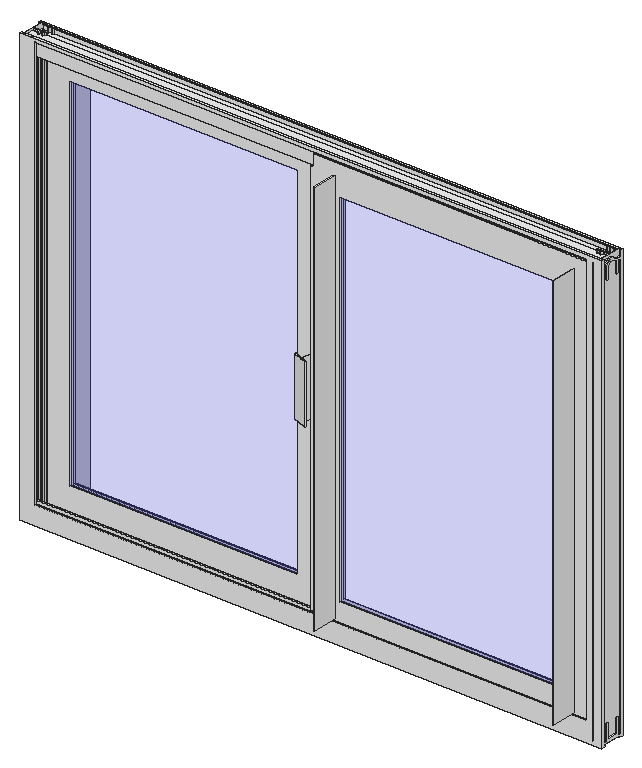
Revit family "WAL_A3-Classic-Horizontal-Slider-1200x900-SW129", category Windows, host Wall, Revit 2016
Family settings
  Host = Wall
  Always vertical = Yes
  Cut with Voids When Loaded = No
  Shared = No
  Room Calculation Point = No
Parameters (values of type "1200 x 900 SW129 Classical Horizontal Slider")
  URL = "www.agi.co.za"
  Model = "Slider"
  Manufacturer Code = "SW129"
  Manufacturer = "AGI Aluminium"
  Height = 900 mm
  Glass Material = Glass
  Frame Material = Metal Aluminium
  Description = "Classic Horizontal Slider"
  Default Sill Height = 800 mm
  Wall Closure = By host
  Width = 1200 mm
  Assembly Code = "B2020110"
Reference planes
  plane 1 "Center": y = 0
  plane 2 "Center (Left/Right)": x = 0
  plane 3 "Left": x = -600
  plane 4 "Right": x = 600
  plane 5 "Sill": z = 800
  plane 6 "Head": z = 1700
  plane 7 "Exterior": y = 75
  plane 8 "Interior": y = -75
  plane 9: z = 1250
Forms (mm)
  Sweep 1, solid, material "Metal Aluminium" <- "Frame Material", detail levels medium+fine
    path origin (0, 0, 0) x (1, 0, 0) y (0, 0, 1)
      loop
        line (600, 1700) -> (-600, 1700)
    profile "Top Frame : Top Frame" origin (0, 0, 1700) x (0, 0, -1) y (0, -1, 0)
      loop
        line (0, -21) -> (0, -27) -> (40, -27) -> (40, -25) -> (14.96, -25) -> (14.96, -14) -> (40, -14) -> (40, -12) -> (14.96, -12) -> (9.96, -3.34) -> (9.96, 3.34) -> (14.96, 12) -> (40, 12) -> (40, 14) -> (13.805, 14) -> (7.96, 3.876) -> (7.96, 1) -> (5.96, 1) -> (5.96, 27) -> (0, 27) -> (0, 21) -> (2, 21) -> (2, 25) -> (3.96, 25) -> (3.96, -1) -> (7.96, -1) -> (7.96, -3.876) -> (12.96, -12.536) -> (12.96, -25) -> (2, -25) -> (2, -21) -> (0, -21)
  Sweep 2, solid, material "Metal Aluminium" <- "Frame Material", detail levels medium+fine
    path origin (0, 0, 0) x (1, 0, 0) y (0, 0, 1)
      loop
        line (600, 800) -> (-600, 800)
    profile "Bottom Frame : Bottom Frame" origin (0, 0, 800) x (0, 0, -1) y (0, -1, 0)
      loop
        line (0, -27) -> (0, -20) -> (-2, -20) -> (-2, -25) -> (-4, -25) -> (-4, 25) -> (-2, 25) -> (-2, 20) -> (0, 20) -> (0, 27) -> (-40, 27) -> (-40, 25) -> (-6, 25) -> (-6, 14) -> (-40, 14) -> (-40, 12) -> (-10, 12) -> (-10, -12) -> (-40, -12) -> (-40, -14) -> (-6, -14) -> (-6, -25) -> (-40, -25) -> (-40, -27) -> (0, -27)
  Sweep 3, solid, material "Metal Aluminium" <- "Frame Material", detail levels medium+fine
    path origin (0, 0, 0) x (1, 0, 0) y (0, 0, 1)
      loop
        line (600, 1700) -> (600, 800)
    profile "Side Frame : Side Frame" origin (600, 0, 1250) x (1, 0, 0) y (0, -1, 0)
      loop
        line (0, -27) -> (0, -21) -> (-2, -21) -> (-2, -25) -> (-4, -25) -> (-4, 24.998) -> (-2, 24.998) -> (-2, 20.998) -> (0, 20.998) -> (0, 26.998) -> (-31, 26.998) -> (-31, 24.998) -> (-29, 24.998) -> (-29, 21.689) -> (-27, 21.689) -> (-27, 24.998) -> (-21.044, 24.998) -> (-21.044, 21.689) -> (-19.044, 21.689) -> (-19.044, 24.998) -> (-6, 24.998) -> (-6, 0.998) -> (-19.044, 0.998) -> (-19.044, 4.487) -> (-21.044, 4.487) -> (-21.044, 0.998) -> (-27, 0.998) -> (-27, 4.487) -> (-29, 4.487) -> (-29, 0.998) -> (-31, 0.998) -> (-31, -1.002) -> (-29, -1.002) -> (-29, -4.915) -> (-27, -4.915) -> (-27, -1.002) -> (-21.044, -1.002) -> (-21.044, -4.915) -> (-19.044, -4.915) -> (-19.044, -1.002) -> (-6, -1.002) -> (-6, -25) -> (-19.044, -25) -> (-19.044, -21.362) -> (-21.044, -21.362) -> (-21.044, -25) -> (-27, -25) -> (-27, -21.362) -> (-29, -21.362) -> (-29, -25) -> (-31, -25) -> (-31, -27) -> (0, -27)
  Sweep 4, solid, material "Metal Aluminium" <- "Frame Material", detail levels medium+fine
    path origin (0, 0, 0) x (1, 0, 0) y (0, 0, 1)
      loop
        line (-600, 800) -> (-600, 1700)
    profile "Side Frame : Side Frame" origin (-600, 0, 1250) x (-1, 0, 0) y (0, -1, 0)
      loop
        line (0, -27) -> (0, -21) -> (-2, -21) -> (-2, -25) -> (-4, -25) -> (-4, 24.998) -> (-2, 24.998) -> (-2, 20.998) -> (0, 20.998) -> (0, 26.998) -> (-31, 26.998) -> (-31, 24.998) -> (-29, 24.998) -> (-29, 21.689) -> (-27, 21.689) -> (-27, 24.998) -> (-21.044, 24.998) -> (-21.044, 21.689) -> (-19.044, 21.689) -> (-19.044, 24.998) -> (-6, 24.998) -> (-6, 0.998) -> (-19.044, 0.998) -> (-19.044, 4.487) -> (-21.044, 4.487) -> (-21.044, 0.998) -> (-27, 0.998) -> (-27, 4.487) -> (-29, 4.487) -> (-29, 0.998) -> (-31, 0.998) -> (-31, -1.002) -> (-29, -1.002) -> (-29, -4.915) -> (-27, -4.915) -> (-27, -1.002) -> (-21.044, -1.002) -> (-21.044, -4.915) -> (-19.044, -4.915) -> (-19.044, -1.002) -> (-6, -1.002) -> (-6, -25) -> (-19.044, -25) -> (-19.044, -21.362) -> (-21.044, -21.362) -> (-21.044, -25) -> (-27, -25) -> (-27, -21.362) -> (-29, -21.362) -> (-29, -25) -> (-31, -25) -> (-31, -27) -> (0, -27)
  Sweep 5, solid, material "Metal Aluminium" <- "Frame Material", detail levels medium+fine
    path origin (0, 0, 0) x (1, 0, 0) y (0, 0, 1)
      loop
        line (0, 800) -> (-573, 800)
    profile "Bottom slide L : Bottom slide L" origin (-286.5, 0, 800) x (0, 0, -1) y (0, -1, 0)
      loop
        line (-16, -20) -> (-16, -17) -> (-46, -17) -> (-46, -9) -> (-16, -9) -> (-16, -6) -> (-76, -6) -> (-76, -9.523) -> (-66, -9.523) -> (-66, -15.994) -> (-76, -15.994) -> (-76, -20) -> (-16, -20)
  Sweep 6, solid, material "Metal Aluminium" <- "Frame Material", detail levels medium+fine
    path origin (0, 0, 0) x (1, 0, 0) y (0, 0, 1)
      loop
        line (0, 1700) -> (-569, 1700)
    profile "Top slide L : Top slide L" origin (-284.5, 0, 1700) x (0, 0, -1) y (0, -1, 0)
      loop
        line (16, -20) -> (76, -20) -> (76, -15.994) -> (66, -15.994) -> (66, -9.523) -> (76, -9.523) -> (76, -6) -> (16, -6) -> (16, -9) -> (46, -9) -> (46, -17) -> (16, -17) -> (16, -20)
  Sweep 7, solid, material "Metal Aluminium" <- "Frame Material", detail levels medium+fine
    path origin (0, 0, 0) x (1, 0, 0) y (0, 0, 1)
      loop
        line (-600, 840) -> (-600, 1660)
    profile "Side slide L : Side slide L" origin (-600, 0, 1250) x (-1, 0, 0) y (0, -1, 0)
      loop
        line (-16, -19.998) -> (-16, -16.998) -> (-46, -16.998) -> (-46, -8.998) -> (-16, -8.998) -> (-16, -5.998) -> (-22, -5.998) -> (-22, -1.637) -> (-26, -1.637) -> (-26, -5.998) -> (-76, -5.998) -> (-76, -9.521) -> (-66, -9.521) -> (-66, -15.992) -> (-76, -15.992) -> (-76, -19.998) -> (-66, -19.998) -> (-66, -69.998) -> (-64, -69.998) -> (-64, -19.998) -> (-26, -19.998) -> (-26, -23.79) -> (-22, -23.79) -> (-22, -19.998) -> (-16, -19.998)
  Sweep 8, solid, material "Metal Aluminium" <- "Frame Material", detail levels medium+fine
    path origin (0, 0, 0) x (1, 0, 0) y (0, 0, 1)
      loop
        line (0, 1660) -> (0, 840)
    profile "Mid slide L : Mid slide L" origin (0, 0, 1250) x (1, 0, 0) y (0, -1, 0)
      loop
        line (-43.5, -15.992) -> (-53.5, -15.992) -> (-53.5, -19.998) -> (-43.5, -19.998) -> (-43.5, -69.998) -> (-41.5, -69.998) -> (-41.5, -19.998) -> (6.5, -19.998) -> (6.5, -16.998) -> (-23.5, -16.998) -> (-23.5, -8.998) -> (6.5, -8.998) -> (6.5, 3.5) -> (-3.5, 3.5) -> (-3.5, 0.5) -> (3.5, 0.5) -> (3.5, -5.998) -> (-53.5, -5.998) -> (-53.5, -9.521) -> (-43.5, -9.521) -> (-43.5, -15.992)
  Sweep 9, solid, material "Metal Aluminium" <- "Frame Material", detail levels medium+fine
    path origin (0, 0, 0) x (1, 0, 0) y (0, 0, 1)
      loop
        line (600, 1660) -> (600, 840)
    profile "Side slide R : Side slide R" origin (600, 0, 1250) x (1, 0, 0) y (0, -1, 0)
      loop
        line (-16, 19.998) -> (-22, 19.998) -> (-22, 23.79) -> (-26, 23.79) -> (-26, 19.998) -> (-64, 19.998) -> (-64, 69.998) -> (-66, 69.998) -> (-66, 19.998) -> (-76, 19.998) -> (-76, 15.992) -> (-66, 15.992) -> (-66, 9.521) -> (-76, 9.521) -> (-76, 5.998) -> (-26, 5.998) -> (-26, 1.637) -> (-22, 1.637) -> (-22, 5.998) -> (-16, 5.998) -> (-16, 8.998) -> (-46, 8.998) -> (-46, 16.998) -> (-16, 16.998) -> (-16, 19.998)
  Sweep 10, solid, material "Metal Aluminium" <- "Frame Material", detail levels medium+fine
    path origin (0, 0, 0) x (1, 0, 0) y (0, 0, 1)
      loop
        line (569, 1700) -> (0, 1700)
    profile "Top slide R : Top slide R" origin (284.5, 0, 1700) x (0, 0, -1) y (0, -1, 0)
      loop
        line (16, 20) -> (16, 17) -> (46, 17) -> (46, 9) -> (16, 9) -> (16, 6) -> (76, 6) -> (76, 9.523) -> (66, 9.523) -> (66, 15.994) -> (76, 15.994) -> (76, 20) -> (16, 20)
  Sweep 11, solid, material "Metal Aluminium" <- "Frame Material", detail levels medium+fine
    path origin (0, 0, 0) x (1, 0, 0) y (0, 0, 1)
      loop
        line (569, 800) -> (0, 800)
    profile "Bottom slide R : Bottom slide R" origin (284.5, 0, 800) x (0, 0, -1) y (0, -1, 0)
      loop
        line (-16, 20) -> (-76, 20) -> (-76, 15.994) -> (-66, 15.994) -> (-66, 9.523) -> (-76, 9.523) -> (-76, 6) -> (-16, 6) -> (-16, 9) -> (-46, 9) -> (-46, 17) -> (-16, 17) -> (-16, 20)
  Sweep 12, solid, material "Metal Aluminium" <- "Frame Material", detail levels medium+fine
    path origin (0, 0, 0) x (1, 0, 0) y (0, 0, 1)
      loop
        line (0, 1660) -> (0, 840)
    profile "Mid slide R : Mid slide R" origin (0, 0, 1250) x (1, 0, 0) y (0, -1, 0)
      loop
        line (43.5, 15.992) -> (53.5, 15.992) -> (53.5, 19.998) -> (43.5, 19.998) -> (43.5, 69.998) -> (41.5, 69.998) -> (41.5, 19.998) -> (-6.5, 19.998) -> (-6.5, 16.998) -> (23.5, 16.998) -> (23.5, 8.998) -> (-6.5, 8.998) -> (-6.5, -3.5) -> (3.5, -3.5) -> (3.5, -0.5) -> (-3.5, -0.5) -> (-3.5, 5.998) -> (53.5, 5.998) -> (53.5, 9.521) -> (43.5, 9.521) -> (43.5, 15.992)
  Sweep 13, solid, material "Metal Aluminium" <- "Frame Material", detail levels medium+fine
    path origin (0, 0, 0) x (1, 0, 0) y (0, 0, 1)
      loop
        line (0, 1310) -> (0, 1190)
    profile "Handle : Handle" origin (0, 0, 1250) x (1, 0, 0) y (0, -1, 0)
      loop
        line (-8.5, -4.993) -> (-8.5, 10.998) -> (21.5, 10.998) -> (21.5, 14.998) -> (-8.529, 14.998) -> (-12.187, 35.744) -> (0, 40.18) -> (-0.702, 42.108) -> (-30.363, 31.312) -> (-29.679, 29.433) -> (-14.105, 35.101) -> (-10.5, 14.658) -> (-10.5, -4.993) -> (-8.5, -4.993)
  Extrusion 14, solid, material "Glass" <- "Glass Material", detail levels medium+fine
    sketch origin (0, 0, 0) x (1, 0, 0) y (0, 1, 0)
      loop
        line (-534, 15.994) -> (-534, 9.523) -> (-43.5, 9.523) -> (-43.5, 15.994) -> (-534, 15.994)
    from 866 to 1634
  Extrusion 15, solid, material "Glass" <- "Glass Material", detail levels medium+fine
    sketch origin (0, 0, 0) x (1, 0, 0) y (0, 1, 0)
      loop
        line (43.5, -9.521) -> (43.5, -15.992) -> (534, -15.992) -> (534, -9.521) -> (43.5, -9.521)
    from 866 to 1634
Cuts and joins
  joined: Sweep 1, Sweep 2, Sweep 3, Sweep 4
  joined: Sweep 5, Sweep 6, Sweep 7, Sweep 8
  joined: Sweep 9, Sweep 10, Sweep 11, Sweep 12
Lines and regions (mm)
  Opening 1
    outline origin (3500, -75, 0) x (1, 0, 0) y (0, 0, 1)
      loop
        line (-2900, 800) -> (-2900, 1700) -> (-4100, 1700) -> (-4100, 800) -> (-2900, 800)
  symbolic lines
    curve 1: line (370.719, 0, 1357.102) -> (370.719, 0, 1174.388)
    curve 2: line (370.719, 0, 1357.102) -> (279.362, 0, 1265.745)
    curve 3: line (370.719, 0, 1174.388) -> (279.362, 0, 1265.745)
    curve 4: line (-367.281, 0, 1357.102) -> (-367.281, 0, 1174.388)
    curve 5: line (-367.281, 0, 1357.102) -> (-275.924, 0, 1265.745)
    curve 6: line (-367.281, 0, 1174.388) -> (-275.924, 0, 1265.745)
Text (mm)
  text "EXTERIOR" at (-1963.203, 1332.353, 0), in view "Ref. Level"
  text "INTERIOR" at (-1981.466, -818.386, 0), in view "Ref. Level"
  text "Exterior" at (0, 923.751, 2943.296), in view "Right"
  text "Exterior" at (0, 1040.484, 2685.409), in view "Left"
Dimensions and locks
  equal spacing: plane 3 "Left", plane 2 "Center (Left/Right)", plane 4 "Right"
  "Width": plane 3 "Left" to plane 4 "Right"
  "Height": plane 5 "Sill" to plane 6 "Head"
  "Default Sill Height": plane 5 "Sill" to level
  locked: plane 7 "Exterior" to host wall at 0
  locked: plane 8 "Interior" to host wall
  equal spacing: plane 6 "Head", plane 9, plane 5 "Sill"
  equal spacing: Sweep 13 sketch curve, plane 9, Sweep 13 sketch curve
  locked: Sweep 13 sketch curve to Sweep 13 sketch curve at 120
  aligned and locked: Extrusion 14 sketch curve to cut or joined group of Sweep 5, Sweep 6, Sweep 7, Sweep 8
  aligned and locked: cut or joined group of Sweep 5, Sweep 6, Sweep 7, Sweep 8 to Extrusion 14 sketch curve  (x3)
  aligned and locked: Extrusion 14 to cut or joined group of Sweep 5, Sweep 6, Sweep 7, Sweep 8  (x2)
  aligned and locked: Extrusion 15 sketch curve to cut or joined group of Sweep 9, Sweep 10, Sweep 11, Sweep 12  (x2)
  aligned and locked: cut or joined group of Sweep 9, Sweep 10, Sweep 11, Sweep 12 to Extrusion 15 sketch curve  (x2)
  aligned and locked: Extrusion 15 to cut or joined group of Sweep 9, Sweep 10, Sweep 11, Sweep 12  (x2)
  aligned and locked: plane 2 "Center (Left/Right)" to Sweep 5 sketch curve
  aligned and locked: cut or joined group of Sweep 1, Sweep 2, Sweep 3, Sweep 4 to Sweep 5 sketch curve
Automatic sketch dimensions
  Opening 1 sketch curve to plane 3 "Left" = 0 mm
  Opening 1 sketch curve to plane 4 "Right" = 0 mm
  Opening 1 sketch curve to plane 5 "Sill" = 0 mm
  Opening 1 sketch curve to plane 6 "Head" = 0 mm
  Sweep 1 sketch curve to plane 3 "Left" = 0 mm
  plane 4 "Right" to Sweep 1 sketch curve = 0 mm
  plane 6 "Head" to Sweep 1 sketch curve = 0 mm
  Sweep 2 sketch curve to plane 3 "Left" = 0 mm
  plane 4 "Right" to Sweep 2 sketch curve = 0 mm
  Sweep 2 sketch curve to plane 5 "Sill" = 0 mm
  plane 4 "Right" to Sweep 3 sketch curve = 0 mm
  Sweep 3 sketch curve to plane 5 "Sill" = 0 mm
  plane 6 "Head" to Sweep 3 sketch curve = 0 mm
  Sweep 4 sketch curve to plane 3 "Left" = 0 mm
  Sweep 4 sketch curve to plane 5 "Sill" = 0 mm
  plane 6 "Head" to Sweep 4 sketch curve = 0 mm
  Sweep 5 sketch curve to plane 5 "Sill" = 0 mm
  Sweep 6 sketch curve to plane 2 "Center (Left/Right)" = 0 mm
  Sweep 6 sketch curve to plane 3 "Left" = 31 mm
  plane 6 "Head" to Sweep 6 sketch curve = 0 mm
  Sweep 7 sketch curve to plane 3 "Left" = 0 mm
  Sweep 7 sketch curve to plane 5 "Sill" = 40 mm
  plane 6 "Head" to Sweep 7 sketch curve = 40 mm
  Sweep 8 sketch curve to plane 2 "Center (Left/Right)" = 0 mm
  Sweep 8 sketch curve to plane 5 "Sill" = 40 mm
  plane 6 "Head" to Sweep 8 sketch curve = 40 mm
  plane 4 "Right" to Sweep 9 sketch curve = 0 mm
  Sweep 9 sketch curve to plane 5 "Sill" = 40 mm
  plane 6 "Head" to Sweep 9 sketch curve = 40 mm
  plane 2 "Center (Left/Right)" to Sweep 10 sketch curve = 0 mm
  plane 4 "Right" to Sweep 10 sketch curve = 31 mm
  plane 6 "Head" to Sweep 10 sketch curve = 0 mm
  plane 2 "Center (Left/Right)" to Sweep 11 sketch curve = 0 mm
  plane 4 "Right" to Sweep 11 sketch curve = 31 mm
  Sweep 11 sketch curve to plane 5 "Sill" = 0 mm
  plane 2 "Center (Left/Right)" to Sweep 12 sketch curve = 0 mm
  Sweep 12 sketch curve to plane 5 "Sill" = 40 mm
  plane 6 "Head" to Sweep 12 sketch curve = 40 mm
  plane 2 "Center (Left/Right)" to Sweep 13 sketch curve = 0 mm
  plane 9 to curve 3 = 15.745 mm
  plane 9 to curve 5 = 15.745 mm
  curve 1 to plane 9 = 75.612 mm
  curve 6 to plane 9 = 75.612 mm
  curve 6 to plane 3 "Left" = 232.719 mm
  curve 6 to curve 5 = 91.357 mm
  plane 2 "Center (Left/Right)" to curve 2 = 279.362 mm
  curve 2 to curve 1 = 91.357 mm
